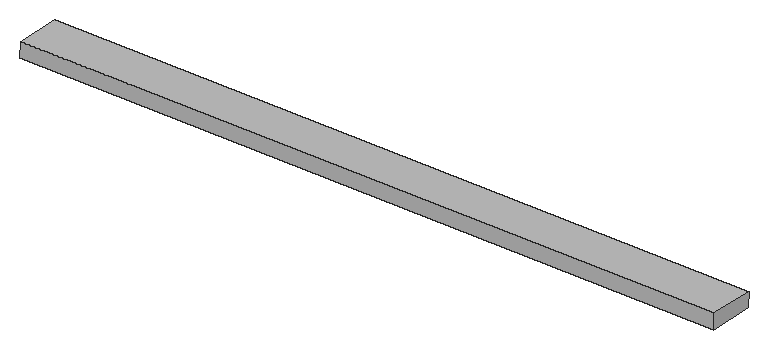
Revit family "KurbX - ExtendIT Mini Pitch Filler", category Generic Models, Revit 2020
Family settings
  Can host rebar = No
  Round Connector Dimension = Use Diameter
  Part Type = Normal
  Work Plane-Based = No
  Always vertical = Yes
  Cut with Voids When Loaded = No
  Shared = No
  Room Calculation Point = No
Parameters
  URL = "www.KurbX.com"
  Type Comments = "Mini Pitch Filler"
  SIDE_B [instance] = 609.6 mm
  SIDE_A [instance] = 609.6 mm
  Model = "3-ExtendIT-48"
  Manufacturer = "KurbX"
  Description = "3\" Wide x 48\" Long Mini Pitch Filler"
  Default Elevation = 0 mm
Reference planes
  plane 1 "Center (Front/Back)": y = 0
  plane 2: z = 0
  plane 3 "Center (Left/Right)": x = 0
  plane 4 "SIDE A": x = -609.6
  plane 5 "SIDE B": x = 609.6
Forms (mm)
  Extrusion 1, solid, material "KurbX - SHOWER PAN - CURBLESS"
    sketch origin (0, 0, 0) x (0, 1, 0) y (0, 0, 1)
      loop
        line (0, 0) -> (0.443, 25.4) -> (-75.757, 25.4) -> (-76.2, 0) -> (0, 0)
    from -609.6 to 609.6
Dimensions and locks
  "SIDE_A": plane 4 "SIDE A" to plane 3 "Center (Left/Right)"
  "SIDE_B": plane 3 "Center (Left/Right)" to plane 5 "SIDE B"
  Extrusion 1 sketch curve to Extrusion 1 sketch curve = 25.4 mm
  Extrusion 1 sketch curve to Extrusion 1 sketch curve = 76.2 mm
  angle Extrusion 1 sketch curve to Extrusion 1 sketch curve = 91.00°
  angle Extrusion 1 sketch curve to Extrusion 1 sketch curve = 89.00°
  aligned and locked: plane 2 to level
  aligned and locked: Extrusion 1 to plane 4 "SIDE A"
  aligned and locked: plane 5 "SIDE B" to Extrusion 1
Automatic sketch dimensions
  Extrusion 1 sketch curve to level = 0 mm
  Extrusion 1 sketch curve to plane 1 "Center (Front/Back)" = 0 mm
